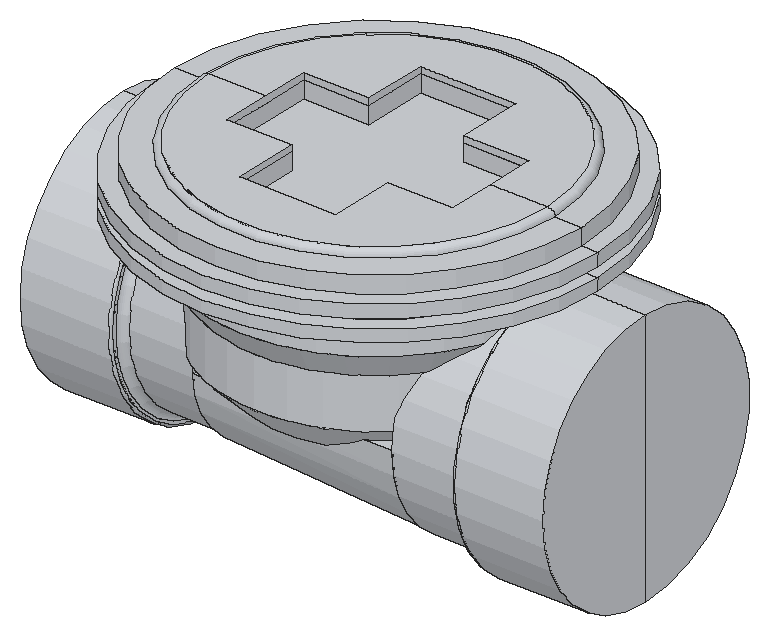
Revit family
Parameters
  URL = "www.siouxchief.com"
  Model = "869-S4P"
  Manufacturer = "Sioux Chief Manufacturing"
  Keynote = "Procheck Backflow Preventer"
  Description = "4\" PVC"
Reference planes (in)
  plane 1 "Center (Front/Back)": y = 0
  plane 2: z = 0
  plane 3 "Center (Left/Right)": x = 0
Forms (in)
  Revolve 1, solid
    sketch origin (5.53933, 0, 0) x (0, 0, 1) y (-1, 0, 0)
      loop
        line (-2.50277, 10.48306) -> (-2.50277, 8.77099)
        arc (-2.50277, 8.77099) -> (-2.48837, 8.73938) -> (-2.45771, 8.72306) r 0.05403
        line (-2.45771, 8.72306) -> (-2.39527, 8.72306)
        arc (-2.39527, 8.72306) -> (-2.2892, 8.67913) -> (-2.24527, 8.57306) r 0.15
        line (-2.24527, 8.57306) -> (-2.24527, 7.35856) -> (0, 7.35856) -> (0, 10.48306) -> (-2.50277, 10.48306)
      axis (0, 7.35856) -> (0, 10.48306)
    angle from 0 to 360
  Revolve 2, solid
    sketch origin (-5.28933, 0, -0.325) x (0, 0, 1) y (-1, 0, 0)
      loop
        line (-2.50277, -10.48306) -> (0, -10.48306) -> (0, -7.35856) -> (-2.24527, -7.35856) -> (-2.24527, -8.57306)
        arc (-2.24527, -8.57306) -> (-2.2892, -8.67913) -> (-2.39527, -8.72306) r 0.15
        line (-2.39527, -8.72306) -> (-2.45771, -8.72306)
        arc (-2.45771, -8.72306) -> (-2.48837, -8.73938) -> (-2.50277, -8.77099) r 0.05403
        line (-2.50277, -8.77099) -> (-2.50277, -10.48306)
      axis (0, -7.35856) -> (0, -10.48306)
    angle from 0 to 360
  Revolve 3, solid
    sketch origin (0, 0, 0) x (0, 0, 1) y (-1, 0, 0)
      loop
        line (3.2533, 3.9475) -> (2.9237, 3.9475) -> (2.9237, 4.27) -> (2.6737, 4.27) -> (2.6737, 3.9475) -> (2.4887, 3.9475) -> (2.4887, 4.27) -> (2.2598, 4.27) -> (2.2598, 3.35) -> (1.4989, 3.35) -> (0.966, 2.9826) -> (-0.0174, 2.9826) -> (-0.721, 2.279) -> (-0.721, 0) -> (3.2533, 0) -> (3.2533, 3.9475)
      axis (3.2533, 0) -> (-0.721, 0)
    angle from 0 to 360
  Extrusion 4, solid
    sketch origin (14.85944, -180, 25.11806) x (0, -1, 0) y (1, 0, 0)
      loop
        arc (-181.89136, -18.08549) -> (-180, -18.66043) -> (-178.10864, -18.08549) r 3.39844
        line (-178.10864, -18.08549) -> (-180, -14.85944) -> (-181.89136, -18.08549)
    from -24.08979 to -22.62936
  Blend 5, solid
    base sketch origin (2.06923, 0, -0.325) x (0, 1, 0) y (0, 0, -1)
      loop
        arc (2.24527, 0) -> (0.01182, 2.23344) -> (-2.22162, 0) r 2.23344
        line (-2.22162, 0) -> (2.24527, 0)
    top sketch origin (2.06923, 0, -0.325) x (0, 1, 0) y (0, 0, -1)
      loop
        spline (2.24521, 0.01526) -> (2.16911, 0.50831) -> (1.946, 0.96775) -> (1.59107, 1.36228) -> (1.12852, 1.66502) -> (0.58987, 1.85532) -> (0.01182, 1.92023) -> (-0.56622, 1.85532) -> (-1.10487, 1.66502) -> (-1.56742, 1.36228) -> (-1.92235, 0.96775) -> (-2.14547, 0.50831) -> (-2.22157, 0.01526)
        line (-2.22157, 0.01526) -> (2.24521, 0.01526)
    from 0 to 3.88846
  Extrusion 6, solid
    sketch origin (2.06923, 0, -0.325) x (0, 1, 0) y (0, 0, -1)
      loop
        circle (0, -0.325) r 2.00277
    from 6.63542 to 7.01296
  Revolve 7, solid
    sketch origin (0, 0, -0.1) x (0, 0, 1) y (-1, 0, 0)
      loop
        line (3.3533, 0) -> (3.4783, 0) -> (3.4783, 3.2925)
        arc (3.4783, 3.2925) -> (3.44351, 3.38414) -> (3.3533, 3.4225) r 0.12499
        line (3.3533, 3.4225) -> (3.3533, 0)
      axis (3.3533, 0) -> (3.4783, 0)
    angle from 0 to 360
  Extrusion 8, void
    sketch origin (14.85944, -180, 25.11806) x (0, -1, 0) y (1, 0, 0)
      loop
        line (-182.1885, -15.78694) -> (-177.8115, -15.78694) -> (-177.8115, -13.93194) -> (-182.1885, -13.93194) -> (-182.1885, -15.78694)
    from -22.19436 to -21.73976
  Extrusion 9, void
    sketch origin (-180, -14.85944, 25.11806) x (-1, 0, 0) y (0, -1, 0)
      loop
        line (-182.1885, -15.78694) -> (-177.8115, -15.78694) -> (-177.8115, -13.93194) -> (-182.1885, -13.93194) -> (-182.1885, -15.78694)
    from -22.19436 to -21.73976
Cuts and joins
  Extrusion 8, Extrusion 9 cuts Revolve 7
  Extrusion 8, Extrusion 9 cuts Revolve 3
Dimensions and locks (in)
  Revolve 3 sketch curve to Revolve 3 sketch curve = 3.35"
  aligned and locked: plane 2 to level
  aligned and locked: Extrusion 4 to Revolve 3
  aligned and locked: Extrusion 8 to Revolve 7
  aligned and locked: Extrusion 6 to Revolve 1
  aligned and locked: Blend 5 to Revolve 1
  aligned and locked: Revolve 2 to Blend 5
Connectors (in)
  piping at (5.19373, 0, -0.325)
    settings: on Revolve 2, index 1, connector radius 2", flow factor 0, pipe flow 0 GPM, pressure drop 0.00 psi, fitting loss kfactor 0, connector angle 0.00°, fixture units 0, flow configuration 0, flow direction 2, fitting loss method 0, system type 22, connector reference index -1, connector utility 0, adjustable connector no, is connector primary yes, fitting loss table "", connector description ""
  piping at (-4.94373, 0, 0)
    settings: on Extrusion 6, index 2, connector radius 2", flow factor 0, pipe flow 0 GPM, pressure drop 0.00 psi, fitting loss kfactor 0, connector angle 0.00°, fixture units 0, flow configuration 0, flow direction 1, fitting loss method 0, system type 22, connector reference index -1, connector utility 0, adjustable connector no, is connector primary no, fitting loss table "", connector description ""
